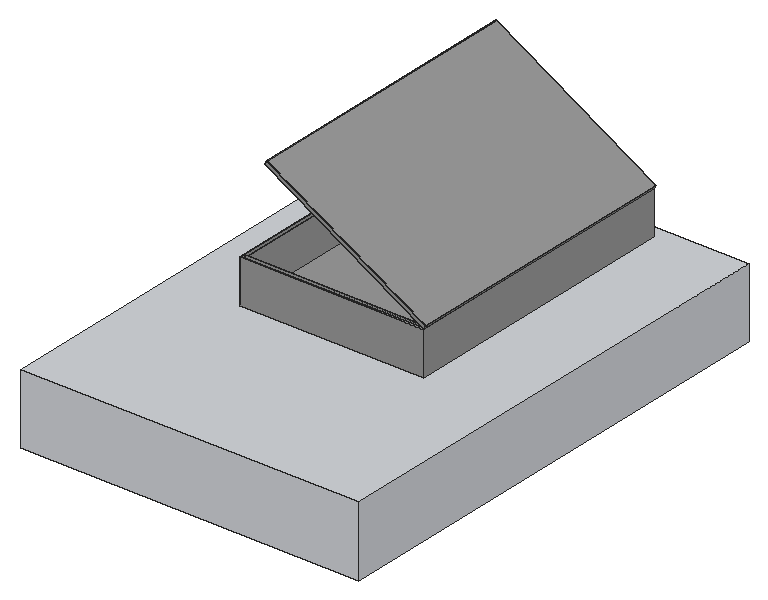
Revit family "Hager-Univers-IP54-D205-H1250-Cl.I-Encl-CH-it", category Equipement électrique, Revit 2020
Family settings
  Hôte = Face
  Configuration du panneau = Deux colonnes, circuits au sein
  Cote de connecteur circulaire = Utiliser le diamètre
  Type d'élément = Tableau de raccordement
  Couper avec des vides une fois chargée = Non
  Partagée = Non
  Point de calcul de pièce = Non
Parameters (values of type "A parete IP54 L800 A1250 P205  - FP83TW2")
  Width Control [instance] = if([EF000008 - Larghezza] > Min Width, [EF000008 - Larghezza], Min Width)  # 800 mm
  Commentaires du type = [HG000003 - Gamma]  # "Univers"
  Thickness Door [instance] = if([EF009171 - spessore materiale porta/coperchio] > 3 mm, 3 mm, [EF009171 - spessore materiale porta/coperchio])  # 1 mm
  Seal Frame Offset [instance] = 17 mm  # constant formula
  Plinth Visibility [instance] = [HG000027 - Altezza dello zoccolo] > 0 mm  # no
  Model = ""
  Min Width [instance] = 100 mm  # constant formula
  Min Height [instance] = 100 mm  # constant formula
  Min Depth [instance] = (2 * [EF009170 - spessore materiale scatola]) + 1 mm  # 3 mm
  Internal Frame Depth [instance] = (Door System Depth * 0.5)  # 9 mm
  Height Control [instance] = if([EF000040 - Altezza] > Min Height, [EF000040 - Altezza], Min Height)  # 1250 mm
  HG000027 - Altezza dello zoccolo = 0 mm
  HG000026 - A pavimento = no
  HG000024 - Altezza della sezione inferiore = 800 mm
  HG000023 - Custodia a doppia sezione = no
  HG000016 - Visibilità delle porte nella vista 3D [instance] = yes
  HG000015 - Visibilità attraverso la porta [instance] = no
  HG000014 - Porta destra [instance] = yes
  HG000013 - Porta sinistra [instance] = not([HG000014 - Porta destra])  # no
  HG000012 - Angolo di apertura della porta [instance] = 30.00°
  HG000010 - Porte asimmetriche = no
  HG000009 - Porta doppia a battente = no
  HG000006 - Ad incasso = no
  HG000004 - Codice produttore = "FP83TW2"
  HG000003 - Gamma = "Univers"
  HG000002 - Con porta = yes
  Frame Offset Bottom [instance] = 10 mm  # constant formula
  Frame Offset [instance] = 15 mm  # constant formula
  EF015940 - Coprire con rilascio di sovrapressione = no
  EF011959 - tipo di protezione (NEMA) = ""
  EF009554 - numero delle aperture per la piastra della flangia = 6
  Fabricant = "Hager"  # constant formula
  EF009212 - esecuzione coperchio = "EV000116 - chiuso"
  EF009171 - spessore materiale porta/coperchio = 1 mm
  EF009170 - spessore materiale scatola = 1 mm
  EF008873 - corrente nominale (In) = 250 A
  EF007800 - adatto per parafulmine = no
  EF006306 - con serratura = no
  EF006244 - coperchio/porta trasparente = no
  EF005474 - grado di protezione (IP) = "EV006419 - IP54"
  EF004464 - tipo di porta = "EV002646 - singolo"
  EF004427 - numero di moduli = 288
  EF004293 - resistenza agli urti = "EV006815 - IK09"
  EF003532 - adatto per uso esterno = no
  EF002950 - Numero moduli DIN = 36
  EF001613 - Integrità del circuito = "EV000494 - senza"
  EF001596 - Attacco Lampada = "EV000179 - acciaio"
  EF001131 - profondità interna = 130 mm
  EF001088 - possibilità di applicazione = yes
  EF000437 - numero di ingressi per conduttori = 6
  EF000339 - tipo di copertura = "EV001012 - coperchio"
  EF000266 - numero di file = 8
  EF000218 - profondità di incasso = 205 mm
  EF000118 - con piastra di montaggio = no
  EF000116 - numero RAL = "9010"
  EF000049 - profondità = 205 mm
  EF000040 - Altezza = 1250 mm
  EF000008 - Larghezza = 800 mm
  EF000007 - colore = "EV000202 - bianco"
  EF000003 - Tipo di montaggio = "EV000384 - A parete"
  Door System Leaf Tolerance [instance] = 1.5 mm  # constant formula
  Door System Depth [instance] = 18 mm  # constant formula
  Door Height [instance] = Height Control - [HG000027 - Altezza dello zoccolo]  # 1250 mm
  Depth Control [instance] = if([EF000049 - profondità] > Min Depth, [EF000049 - profondità], Min Depth)  # 205 mm
  Default Elevation = 0 mm
  Connector Offset [instance] = Height Control / 2  # 625 mm
  Bottom Top Plate Trim [instance] = 1.5 mm  # constant formula
  Plinth height Ctrl [instance] = if([HG000027 - Altezza dello zoccolo] > 0 mm, [HG000027 - Altezza dello zoccolo], 12 mm)  # 12 mm
Types (5, lengths in mm): name | Width Control | HG000004 - Codice produttore | EF009554 - numero delle aperture per la piastra della flangia | EF004464 - tipo di porta | EF004427 - numero di moduli | EF002950 - Numero moduli DIN | EF000437 - numero di ingressi per conduttori | EF000008 - Larghezza
  A parete IP54 L1050 A1250 P205  - FP84TW2 | 1050 | "FP84TW2" | 8 | "EV003602 - doppio" | 384 | 48 | 8 | 1050
  A parete IP54 L1300 A1250 P205  - FP85TW2 | 1300 | "FP85TW2" | 10 | "EV003602 - doppio" | 480 | 60 | 10 | 1300
  A parete IP54 L300 A1250 P205  - FP81TW2 | 300 | "FP81TW2" | 2 | "EV002646 - singolo" | 96 | 12 | 2 | 300
  A parete IP54 L550 A1250 P205  - FP82TW2 | 550 | "FP82TW2" | 4 | "EV002646 - singolo" | 192 | 24 | 4 | 550
  A parete IP54 L800 A1250 P205  - FP83TW2 | 800 | "FP83TW2" | 6 | "EV002646 - singolo" | 288 | 36 | 6 | 800
Reference planes
  plane 1 "Center (Front/Back)": y = 0
  plane 2: z = 0
  plane 3 "Center (Left/Right)": x = 0
  plane 4: z = 205
  plane 5: y = 1
  plane 6: y = 625
  plane 7: y = 0
  plane 8: y = 1250
  plane 9: z = 0
  plane 10: x = -385
  plane 11: x = 385
  plane 12: x = 384
  plane 13: x = -384
  plane 14: y = 1249
  plane 15: x = -383
  plane 16: x = -400
  plane 17: x = 383
  plane 18: x = 400
  plane 19: x = 399
  plane 20: x = -399
  plane 21: y = 11
  plane 22: y = 1250
  plane 23: y = 1234
  plane 24: z = 187
  plane 25: z = 1
  plane 26: z = 186
  plane 27: z = 204
Forms (mm)
  Extrusion 1, solid
    sketch origin (0, 0, 0) x (1, 0, 0) y (0, 1, 0)
      loop
        line (-702.964, 1305) -> (-702.964, -811.445) -> (766.763, -811.445) -> (766.763, 1305) -> (-702.964, 1305)
    from 0 to -304.8
  Extrusion 2, solid, material "Hager_Steel_RAL7035_Light_Grey", visible <- "Plinth Visibility", detail levels medium+fine
    sketch origin (0, 0, 0) x (1, 0, 0) y (0, 1, 0)
      loop
        line (-400, 0) -> (400, 0) -> (400, 12) -> (-400, 12) -> (-400, 0)
    from 0 to 187
  Extrusion 3, solid, material "Hager_Steel_RAL7035_Light_Grey", detail levels medium+fine
    sketch origin (0, 0, 0) x (1, 0, 0) y (0, 1, 0)
      loop
        line (-400, 0) -> (400, 0) -> (400, 1250) -> (-400, 1250) -> (-400, 0)
    from 0 to 187
  Extrusion 4, void
    sketch origin (0, 0, 0) x (1, 0, 0) y (0, 1, 0)
      loop
        line (-399, 1) -> (399, 1) -> (399, 1249) -> (-399, 1249) -> (-399, 1)
    from 1 to 186
  Extrusion 5, void
    sketch origin (-381.607, -4572, 187) x (0, -1, 0) y (-1, 0, 0)
      loop
        line (-4583, 2.393) -> (-5806, 2.393) -> (-5806, -765.607) -> (-4583, -765.607) -> (-4583, 2.393)
    from 0 to 1 <- "EF009170 - spessore materiale scatola"
  Extrusion 6, solid, material "Hager_Steel_RAL7035_Light_Grey", detail levels fine
    sketch origin (0, 0, 187) x (1, 0, 0) y (0, 1, 0)
      loop
        line (-384, 1234) -> (-384, 11) -> (384, 11) -> (384, 1234) -> (-384, 1234)
      loop
        line (-385, 10) -> (385, 10) -> (385, 1235) -> (-385, 1235) -> (-385, 10)
    from 0 to 9 <- "Internal Frame Depth"
  Extrusion 7, solid, material "Hager_Steel_RAL7035_Light_Grey", detail levels coarse
    sketch origin (0, 0, 0) x (1, 0, 0) y (0, 1, 0)
      loop
        line (-400, 0) -> (400, 0) -> (400, 1250) -> (-400, 1250) -> (-400, 0)
    from 0 to 205
  Sweep 8, void
    path in 3D
      loop
        line (-400, 12, 0) -> (400, 12, 0) -> (400, 12, 187) -> (-400, 12, 187) -> (-400, 12, 0)
    profile origin (-400, 12, 93.5) x (-1, 0, 0) y (0, -1, 0)
      loop
        line (0, 0) -> (0, 1.5) -> (-1.5, 1.5)
        arc (-1.5, 1.5) -> (-1.061, 0.439) -> (0, 0) r 1.5
Cuts and joins
  Extrusion 4, Extrusion 5 cuts Extrusion 3
  Sweep 8 cuts Extrusion 2
Lines and regions (mm)
  Masking region 1
    outline origin (0, 0, 0) x (1, 0, 0) y (0, 0, 1)
      loop
        line (-400, 205) -> (-400, 0) -> (400, 0) -> (400, 205) -> (-400, 205)
  Masking region 2, detail levels medium+fine
    outline origin (0, 140, 0) x (0, 1, 0) y (0, 0, 1)
      loop
        line (-140, 0) -> (1110, 0) -> (1110, 187) -> (-140, 187) -> (-140, 0)
  Masking region 3, not visible, detail levels medium+fine
    outline origin (0, 297.922, 0) x (0, 1, 0) y (0, 0, 1)
      loop
        line (338.578, 0) -> (378.578, 0) -> (378.578, 194)
        arc (378.578, 194) -> (375.649, 201.071) -> (368.578, 204) r 10
        line (368.578, 204) -> (338.578, 204) -> (338.578, 0)
  Masking region 4, detail levels coarse
    outline origin (0, 0, 180) x (0, 1, 0) y (0, 0, 1)
      loop
        line (0, -180) -> (1250, -180) -> (1250, 25) -> (0, 25) -> (0, -180)
  Masking region 5, visible <- "Plinth Visibility", detail levels medium+fine
    outline origin (0, 52.24, 12.345) x (0, 0, -1) y (0, 1, 0)
      loop
        line (10.845, -40.24) -> (-173.155, -40.24)
        arc (-173.155, -40.24) -> (-173.594, -41.301) -> (-174.655, -41.74) r 1.5
        line (-174.655, -41.74) -> (-174.655, -52.24) -> (12.345, -52.24) -> (12.345, -41.74)
        arc (12.345, -41.74) -> (11.285, -41.301) -> (10.845, -40.24) r 1.5
  Masking region 6, detail levels medium+fine
    outline origin (-381.607, -4572, 187) x (-1, 0, 0) y (0, -1, 0)
      loop
        line (18.393, -5822) -> (18.393, -4572) -> (-781.607, -4572) -> (-781.607, -5822) -> (18.393, -5822)
  Masking region 7, visible <- "Plinth Visibility", detail levels medium+fine
    outline origin (-381.607, -4727, 187) x (-1, 0, 0) y (0, -1, 0)
      loop
        arc (16.893, -4739) -> (17.332, -4737.939) -> (18.393, -4737.5) r 1.5
        line (18.393, -4737.5) -> (18.393, -4727) -> (-781.607, -4727) -> (-781.607, -4737.5)
        arc (-781.607, -4737.5) -> (-780.546, -4737.939) -> (-780.107, -4739) r 1.5
        line (-780.107, -4739) -> (16.893, -4739)
  Masking region 8, detail levels coarse
    outline origin (-442.548, -4669.526, 187) x (-1, 0, 0) y (0, -1, 0)
      loop
        line (-42.548, -5919.526) -> (-42.548, -4669.526) -> (-842.548, -4669.526) -> (-842.548, -5919.526) -> (-42.548, -5919.526)
  sketch lines
    curve 1: line (-400, 12, 187) -> (-400, 12, 0)
    curve 2: line (400, 12, 187) -> (-400, 12, 187)
    curve 3: line (400, 12, 187) -> (400, 12, 0)
    curve 4: line (-400, 12, 0) -> (400, 12, 0)
Dimensions and locks
  "Depth Control": plane 4 to Extrusion 1
  "HG000027 - Altezza dello zoccolo": plane 1 "Center (Front/Back)" to plane 7
  "EF009170 - spessore materiale scatola": plane 5 to plane 7
  locked: connector elem to plane 3 "Center (Left/Right)"
  equal spacing: plane 8, plane 6, plane 7
  locked: connector elem to plane 6
  "EF009170 - spessore materiale scatola": plane 8 to plane 14
  "EF009170 - spessore materiale scatola": plane 10 to plane 13
  "EF009170 - spessore materiale scatola": plane 12 to plane 11
  "Frame Offset": plane 20 to plane 13
  "Frame Offset": plane 12 to plane 19
  "EF009170 - spessore materiale scatola": plane 16 to plane 20
  "EF009170 - spessore materiale scatola": plane 19 to plane 18
  "Seal Frame Offset": plane 16 to plane 15
  "Seal Frame Offset": plane 17 to plane 18
  "Frame Offset Bottom": plane 21 to plane 5
  "Frame Offset": plane 14 to plane 23
  equal spacing: plane 16, plane 3 "Center (Left/Right)", plane 18
  "Width Control": plane 16 to plane 18
  "EF009170 - spessore materiale scatola": plane 4 to plane 27
  "EF009170 - spessore materiale scatola": plane 24 to plane 26
  "EF009170 - spessore materiale scatola": plane 25 to level
  "Door System Depth": plane 4 to plane 24
  "Height Control": plane 1 "Center (Front/Back)" to Extrusion 7 sketch curve
  "Height Control": Masking region 4 sketch curve to plane 1 "Center (Front/Back)"
  "Height Control": plane 1 "Center (Front/Back)" to plane 22
  "Bottom Top Plate Trim": profile plane to Sweep 8 sketch curve
  "Bottom Top Plate Trim": Sweep 8 sketch curve to profile plane
  "Plinth height Ctrl": plane 1 "Center (Front/Back)" to Extrusion 2 sketch curve
  "Plinth height Ctrl": Masking region 5 sketch curve to plane 1 "Center (Front/Back)"
  "Plinth height Ctrl": plane 1 "Center (Front/Back)" to Masking region 7 sketch curve
  "Thickness Door": Extrusion 6 sketch curve to Extrusion 6 sketch curve  (x3)
  "Thickness Door": cut or joined group of Extrusion 3, Extrusion 4, Extrusion 5 to Extrusion 6 sketch curve
  radius of Masking region 3 sketch curve = 10 mm
  "Bottom Top Plate Trim": radius of Masking region 5 sketch curve  (x2)
  "Bottom Top Plate Trim": radius of Sweep 8 sketch curve
  "Bottom Top Plate Trim": radius of Masking region 7 sketch curve  (x2)
  aligned and locked: plane 2 to Extrusion 1
  aligned and locked: level to Extrusion 1
  aligned and locked: level to Masking region 1 sketch curve
  aligned and locked: Masking region 1 sketch curve to plane 18
  aligned and locked: Masking region 1 sketch curve to plane 16
  aligned and locked: plane 7 to Masking region 2 sketch curve
  aligned and locked: level to Masking region 3 sketch curve
  aligned and locked: Masking region 3 sketch curve to plane 27
  aligned and locked: level to Masking region 2 sketch curve
  aligned and locked: plane 1 "Center (Front/Back)" to Extrusion 2 sketch curve
  aligned and locked: Extrusion 3 sketch curve to plane 7
  aligned and locked: plane 16 to Extrusion 3 sketch curve
  aligned and locked: plane 18 to Extrusion 3 sketch curve
  aligned and locked: plane 20 to Extrusion 4 sketch curve
  aligned and locked: plane 19 to Extrusion 4 sketch curve
  aligned and locked: Extrusion 4 sketch curve to plane 5
  aligned and locked: Extrusion 4 to plane 25
  aligned and locked: plane 26 to Extrusion 4
  aligned and locked: plane 24 to Extrusion 3
  aligned and locked: Extrusion 5 sketch curve to plane 21
  aligned and locked: Extrusion 5 sketch curve to plane 13
  aligned and locked: Extrusion 5 sketch curve to plane 12
  aligned and locked: plane 18 to Extrusion 7 sketch curve
  aligned and locked: plane 1 "Center (Front/Back)" to Extrusion 7 sketch curve
  aligned and locked: plane 16 to Extrusion 7 sketch curve
  aligned and locked: plane 4 to Extrusion 7
  aligned and locked: Extrusion 7 to level
  aligned and locked: level to Masking region 4 sketch curve
  aligned and locked: Masking region 4 sketch curve to plane 1 "Center (Front/Back)"
  aligned and locked: Masking region 4 sketch curve to plane 4
  aligned and locked: nested 1 to level
  aligned and locked: nested 1 to plane 16
  aligned and locked: plane 8 to Extrusion 3 sketch curve
  aligned and locked: plane 23 to Extrusion 5 sketch curve
  aligned and locked: plane 14 to Extrusion 4 sketch curve
  aligned and locked: Masking region 2 sketch curve to plane 8
  aligned and locked: level to Masking region 5 sketch curve
  aligned and locked: plane 16 to Extrusion 2 sketch curve
  aligned and locked: plane 18 to Extrusion 2 sketch curve
  aligned and locked: Masking region 5 sketch curve to plane 24
  aligned and locked: Masking region 2 sketch curve to plane 24
  aligned and locked: plane 24 to Extrusion 2
  aligned and locked: profile plane to Sweep 8 sketch curve  (x2)
  aligned and locked: Masking region 6 sketch curve to plane 18
  aligned and locked: Masking region 6 sketch curve to plane 22
  aligned and locked: Masking region 6 sketch curve to plane 16
  aligned and locked: plane 8 to plane 22
  aligned and locked: Masking region 6 sketch curve to plane 7
  aligned and locked: Masking region 7 sketch curve to plane 16
  aligned and locked: Masking region 7 sketch curve to plane 1 "Center (Front/Back)"
  aligned and locked: Masking region 7 sketch curve to plane 18
  aligned and locked: Masking region 8 sketch curve to plane 1 "Center (Front/Back)"
  aligned and locked: Masking region 8 sketch curve to plane 18
  aligned and locked: Masking region 8 sketch curve to plane 22
  aligned and locked: Masking region 8 sketch curve to plane 16
  aligned and locked: nested 2 to plane 7
  aligned and locked: plane 3 "Center (Left/Right)" to nested 2
  aligned and locked: nested 2 to plane 24
  aligned and locked: Extrusion 6 sketch curve to cut or joined group of Extrusion 3, Extrusion 4, Extrusion 5  (x4)
Automatic sketch dimensions
  Extrusion 1 sketch curve to Extrusion 1 sketch curve = 1469.727 mm
  Extrusion 1 sketch curve to Extrusion 1 sketch curve = 2116.445 mm
  Masking region 1 sketch curve to plane 4 = 0 mm
  plane 6 to Masking region 3 sketch curve = 11.5 mm
  Masking region 3 sketch curve to Masking region 3 sketch curve = 30 mm
  Masking region 5 sketch curve to plane 1 "Center (Front/Back)" = 0 mm
Nested families
  nested 1: "Hager_Enclosure_Symbol" at (-400, 0, 0) x (1, 0, 0) z (0, -1, 0), Height <- "Depth Control", Width <- "Width Control", type "Hager_Enclosure_Symbol"
    with Width_Ctrl 800 mm, Width 800 mm, Height_Ctrl 205 mm, Height 205 mm, A_Width_Int 13.453 mm, A_Width 161.438 mm, A_Height_Ctrl 179.375 mm, A_Height 179.375 mm
  nested 2: "EC000058_Univers_Door" at (0, 0, 187) x (1, 0, 0) z (0, 1, 0), Leaf_Tolerance <- "Door System Leaf Tolerance", Angle <- "HG000012 - Angolo di apertura della porta", Door_Depth <- "Door System Depth", Door_Left <- "HG000013 - Porta sinistra", Transparent <- "EF006244 - coperchio/porta trasparente", Assymetrical <- "HG000010 - Porte asimmetriche", Width <- "Width Control", Clearance <- "HG000015 - Visibilità attraverso la porta", Double <- "HG000009 - Porta doppia a battente", 3d_Door <- "HG000016 - Visibilità delle porte nella vista 3D", Lock_Visibility <- "EF006306 - con serratura", Width_Ctrl <- "Width Control", Door_Right <- "HG000014 - Porta destra", Door <- "HG000002 - Con porta", Height <- "Door Height", Thickness <- "Thickness Door", type "EC000058_Univers_Door", detail levels medium+fine
    with min_wh 3 mm, Width_Ctrl 800 mm, Width 800 mm, Transparent no, Thickness 1 mm, Seal_Material Hager_Rubber, Lock_Visibility no, Lock_Material Hager_Plastic_RAL9005_Jet_Black, Leaf_Width 800 mm, Leaf_Tolerance_External_Sides 0 mm, Leaf_Tolerance 1.5 mm, Leaf_Offset 0 mm, Leaf_Height 1247 mm, Leaf_2_Width 800 mm, Leaf_2_Offset 400 mm, Leaf_1_Width 800 mm, Leaf_1_Offset 400 mm, Height_Ctrl 1250 mm, Height 1250 mm, Glass_Material Hager_Glass, Double_Clearance_Ctrl no, Double no, Door_Right_Ctrl yes, Door_Right yes, Door_Material Hager_Steel_RAL7035_Light_Grey, Door_Left_Ctrl no, Door_Left no, Door_Depth 18 mm, Door yes, Clearance_Material Hager_Clearance, Clearance_Depth 800 mm, Clearance_Ctrl no, Clearance no, Assymetrical no, Angle 30.00°, 3d_Door yes
Connectors
  electrical at (0, 625, 0)
    settings: on plane 9, index 1, voltage 0 V, apparent load 0 VA, apparent load phase1 0 VA, apparent load phase2 0 VA, apparent load phase3 0 VA, power factor 1, load classification "Other", number of poles 1, system type 30, power factor state 1, is connector primary yes, connector utility no, sub classification motor no, connector description ""
Definition of nested family "EC000058_Univers_Door"
  Parameters (values of type "EC000058_Univers_Door")
    min_wh [instance] = (2 * Thickness) + 1 mm  # 11 mm
    Width_Ctrl [instance] = 400 mm
    Width [instance] = 500 mm
    Transparent [instance] = yes
    Thickness [instance] = 5 mm
    Seal_Material [instance] = none
    Lock_Visibility [instance] = yes
    Lock_Material [instance] = none
    Leaf_Width [instance] = if((Width_Ctrl - 2 * Leaf_Tolerance_External_Sides) > 0 mm, (Width_Ctrl - 2 * Leaf_Tolerance_External_Sides), min_wh)  # 400 mm
    Leaf_Tolerance_External_Sides [instance] = 0 mm  # constant formula
    Leaf_Tolerance [instance] = 1.5 mm
    Leaf_Offset [instance] = 0 mm  # constant formula
    Leaf_Height [instance] = if((Height_Ctrl - 2 * Leaf_Tolerance) > 0 mm, (Height_Ctrl - 2 * Leaf_Tolerance), min_wh)  # 497 mm
    Leaf_2_Width [instance] = if(and(and(Double, Assymetrical), Door_Left), (Leaf_Width / 3) - (Leaf_Tolerance / 2), if(and(and(Double, Assymetrical), Door_Right), (Leaf_Width / 3) * 2 - (Leaf_Tolerance / 2), if(and(Double, not(Assymetrical)), (Leaf_Width / 2) - Leaf_Tolerance, Leaf_Width)))  # 400 mm
    Leaf_2_Offset [instance] = if(and(Double, Assymetrical), Leaf_2_Width / 2, if(and(Double, not(Assymetrical)), Leaf_Width / 4, Leaf_Width / 2))  # 200 mm
    Leaf_1_Width [instance] = if(and(and(Double, Assymetrical), Door_Right), (Leaf_Width / 3) - (Leaf_Tolerance / 2), if(and(and(Double, Assymetrical), Door_Left), (Width / 3) * 2 - (Leaf_Tolerance / 2), if(and(Double, not(Assymetrical)), (Leaf_Width / 2) - Leaf_Tolerance, Leaf_Width)))  # 400 mm
    Leaf_1_Offset [instance] = if(and(Double, Assymetrical), Leaf_1_Width / 2, if(and(Double, not(Assymetrical)), Leaf_Width / 4, Leaf_Width / 2))  # 200 mm
    Height_Ctrl [instance] = if(Height > min_wh, Height, min_wh)  # 500 mm
    Height [instance] = 500 mm
    Glass_Material [instance] = none
    Double_Clearance_Ctrl [instance] = and(Double, Clearance)  # no
    Double [instance] = no
    Door_Right_Ctrl [instance] = and(or(Door_Right, Double), Door)  # yes
    Door_Right [instance] = yes
    Door_Material [instance] = none
    Door_Left_Ctrl [instance] = and(or(Door_Left, Double), Door)  # no
    Door_Left [instance] = no
    Door_Depth [instance] = 30 mm
    Door [instance] = yes
    Default Elevation = 1219.2 mm
    Clearance_Material [instance] = none
    Clearance_Depth [instance] = if(Leaf_1_Width > Leaf_2_Width, Leaf_1_Width, Leaf_2_Width)  # 400 mm
    Clearance_Ctrl [instance] = and(not(Double), Clearance)  # yes
    Clearance [instance] = yes
    Assymetrical [instance] = yes
    Angle [instance] = 30.00°
    3d_Door [instance] = yes
  Reference planes
    plane 1 "Center (Front/Back)": y = 0
    plane 2 "Bottom": z = 0
    plane 3 "Center (Left/Right)": x = 0
    plane 4: z = 500
    plane 5: x = -200
    plane 6: x = 200
    plane 7: z = 500
    plane 8: x = -200
    plane 9: z = 0
    plane 10: x = 200
    plane 11: y = 0
    plane 12: z = 1.5
    plane 13: x = -600
    plane 14: y = -400
    plane 15: x = 600
    plane 16: x = 0
    plane 17: x = 0
    plane 18: x = -200
    plane 19: x = 200
    plane 20: z = 498.5
  Forms (mm)
    Extrusion 1, solid, material <- "Clearance_Material", visible <- "Double_Clearance_Ctrl"
      sketch origin (1200, 0, 0) x (1, 0, 0) y (0, 0, -1)
        loop
          line (-1800, -498.5) -> (-600, -498.5) -> (-600, 0) -> (-1800, 0) -> (-1800, -498.5)
      from 0 to -400
  Dimensions and locks
    equal spacing: plane 5, plane 3 "Center (Left/Right)", plane 6
    "Width_Ctrl": plane 5 to plane 6
    "Leaf_Offset": plane 5 to plane 8
    "Leaf_Offset": plane 6 to plane 10
    "Leaf_Offset": plane 9 to level
    "Leaf_Offset": plane 4 to plane 7
    "Height_Ctrl": plane 4 to level
    "Leaf_Tolerance": plane 12 to plane 9
    locked: plane 11 to plane 1 "Center (Front/Back)"
    "Leaf_1_Offset": plane 18 to plane 16
    "Leaf_2_Offset": plane 17 to plane 19
    "Leaf_1_Width": plane 13 to plane 8
    "Leaf_2_Width": plane 10 to plane 15
    "Clearance_Depth": plane 14 to plane 1 "Center (Front/Back)"
    "Leaf_Tolerance_External_Sides": plane 8 to plane 18
    "Leaf_Tolerance_External_Sides": plane 19 to plane 10
    "Leaf_Tolerance": plane 7 to plane 20
    aligned and locked: level to plane 2 "Bottom"
    aligned and locked: nested 1 to plane 16
    aligned and locked: nested 2 to plane 17
    aligned and locked: Extrusion 1 to plane 13
    aligned and locked: plane 15 to Extrusion 1
    aligned and locked: Extrusion 1 to plane 14
    aligned and locked: plane 12 to nested 1
    aligned and locked: nested 2 to plane 12
    aligned and locked: Extrusion 1 to plane 11
    aligned and locked: plane 20 to Extrusion 1
    aligned and locked: nested 2 to plane 11
    aligned and locked: nested 1 to plane 11
  Automatic sketch dimensions
    Extrusion 1 sketch curve to level = 0 mm
    plane 5 to Extrusion 1 sketch curve = 400 mm
    plane 6 to Extrusion 1 sketch curve = 400 mm
    Extrusion 1 sketch curve to plane 4 = 1.5 mm
  Nested families
    nested 1: "EC000058_Univers_Door_Leaf" at (0, 0, 1.5), Width <- "Leaf_1_Width", visible <- "Door_Left_Ctrl", Leaf_Height <- "Leaf_Height", Angle <- "Angle", 3d_Door <- "3d_Door", Transparent <- "Transparent", Clearance Material <- "Clearance_Material", Clearance <- "Clearance_Ctrl", Door_Material <- "Door_Material", Glass_Material <- "Glass_Material", Door_Depth <- "Door_Depth", Lock_Material <- "Lock_Material", Seal_Material <- "Seal_Material", Lock_Visibility <- "Lock_Visibility", Thickness <- "Thickness", type "EC000058_Univers_Door_Leaf"
      with Width 400 mm, Transparent_Glass_Offset 30 mm, Transparent_Ctrl yes, Transparent yes, Thickness 5 mm, Standard no, Seal_Material none, Seal_D2 8 mm, Seal_D1 1 mm, Offset_Internal_Frame 10 mm, Lock_Width 20 mm, Lock_Visibility_3d yes, Lock_Visibility yes, Lock_Thickness_3 3 mm, Lock_Thickness_2 1 mm, Lock_Thickness_1 3 mm, Lock_Radius_Offset_2 16 mm, Lock_Radius_Offset_1 15 mm, Lock_Radius_2 5 mm, Lock_Radius 6 mm, Lock_Offset 5 mm, Lock_Material none, Lock_Height 80 mm, Lock_Cover_Top_Offset_2d 17 mm, Lock_Cover_Height -65 mm, Leaf_Height 497 mm, Internal_Seal_Thickness 8 mm, Internal_Seal_Depth_2 4.5 mm, Internal_Frame_Depth 25 mm, Glass_Thickness -1 mm, Glass_Offset -2 mm, Glass_Material none, Door_Material none, Door_Depth 30 mm, Clearance Material none, Clearance yes, Angle_Ctrl 30.00°, Angle 30.00°, 3d_Door yes
    nested 2: "EC000058_Univers_Door_Leaf" at (0, 0, 1.5) x (-1, 0, 0) z (0, 0, 1), Width <- "Leaf_2_Width", visible <- "Door_Right_Ctrl", Leaf_Height <- "Leaf_Height", Angle <- "Angle", 3d_Door <- "3d_Door", Transparent <- "Transparent", Clearance Material <- "Clearance_Material", Clearance <- "Clearance_Ctrl", Door_Material <- "Door_Material", Glass_Material <- "Glass_Material", Door_Depth <- "Door_Depth", Lock_Material <- "Lock_Material", Seal_Material <- "Seal_Material", Lock_Visibility <- "Lock_Visibility", Thickness <- "Thickness", type "EC000058_Univers_Door_Leaf"
      with Width 400 mm, Transparent_Glass_Offset 30 mm, Transparent_Ctrl yes, Transparent yes, Thickness 5 mm, Standard no, Seal_Material none, Seal_D2 8 mm, Seal_D1 1 mm, Offset_Internal_Frame 10 mm, Lock_Width 20 mm, Lock_Visibility_3d yes, Lock_Visibility yes, Lock_Thickness_3 3 mm, Lock_Thickness_2 1 mm, Lock_Thickness_1 3 mm, Lock_Radius_Offset_2 16 mm, Lock_Radius_Offset_1 15 mm, Lock_Radius_2 5 mm, Lock_Radius 6 mm, Lock_Offset 5 mm, Lock_Material none, Lock_Height 80 mm, Lock_Cover_Top_Offset_2d 17 mm, Lock_Cover_Height -65 mm, Leaf_Height 497 mm, Internal_Seal_Thickness 8 mm, Internal_Seal_Depth_2 4.5 mm, Internal_Frame_Depth 25 mm, Glass_Thickness -1 mm, Glass_Offset -2 mm, Glass_Material none, Door_Material none, Door_Depth 30 mm, Clearance Material none, Clearance yes, Angle_Ctrl 30.00°, Angle 30.00°, 3d_Door yes
  Definition of nested family "EC000058_Univers_Door_Leaf"
    Parameters (values of type "EC000058_Univers_Door_Leaf")
      Width [instance] = 2000 mm
      Transparent_Glass_Offset [instance] = 30 mm
      Transparent_Ctrl [instance] = and(Transparent, [3d_Door])  # yes
      Transparent [instance] = yes
      Thickness [instance] = 5 mm
      Standard [instance] = and(not(Transparent), [3d_Door])  # no
      Seal_Material [instance] = none
      Seal_D2 [instance] = 8 mm  # constant formula
      Seal_D1 [instance] = 1 mm  # constant formula
      Offset_Internal_Frame [instance] = 10 mm  # constant formula
      Lock_Width [instance] = 20 mm  # constant formula
      Lock_Visibility_3d [instance] = and(Lock_Visibility, [3d_Door])  # yes
      Lock_Visibility [instance] = yes
      Lock_Thickness_3 [instance] = 3 mm  # constant formula
      Lock_Thickness_2 [instance] = 1 mm  # constant formula
      Lock_Thickness_1 [instance] = 3 mm  # constant formula
      Lock_Radius_Offset_2 [instance] = Lock_Radius_Offset_1 + 1 mm  # 16 mm
      Lock_Radius_Offset_1 [instance] = 15 mm  # constant formula
      Lock_Radius_2 [instance] = Lock_Radius - 1 mm  # 5 mm
      Lock_Radius [instance] = 6 mm  # constant formula
      Lock_Offset [instance] = 5 mm  # constant formula
      Lock_Material [instance] = none
      Lock_Height [instance] = 80 mm  # constant formula
      Lock_Cover_Top_Offset_2d [instance] = Lock_Radius_Offset_2 + 1 mm  # 17 mm
      Lock_Cover_Height [instance] = -(Lock_Height - Lock_Radius_Offset_1)  # -65 mm
      Leaf_Height [instance] = 2720.336 mm
      Internal_Seal_Thickness [instance] = 8 mm  # constant formula
      Internal_Seal_Depth_2 [instance] = 4.5 mm  # constant formula
      Internal_Frame_Depth [instance] = if(Door_Depth - Thickness > 5 mm, Door_Depth - Thickness, 5 mm)  # 25 mm
      Glass_Thickness [instance] = if(Thickness > 15 mm, Glass_Offset + 10 mm, -1 mm)  # -1 mm
      Glass_Offset [instance] = if(Thickness > 15 mm, -(Thickness + 10 mm) / 2, -2 mm)  # -2 mm
      Glass_Material [instance] = none
      Door_Material [instance] = none
      Door_Depth [instance] = 30 mm
      Default Elevation = 0 mm
      Clearance Material [instance] = none
      Clearance [instance] = yes
      Angle_Ctrl [instance] = if(Angle > 180.00°, 180.00°, Angle)  # 90.00°
      Angle [instance] = 90.00°
      3d_Door [instance] = yes
    Reference planes
      plane 1 "Center (Front/Back)": y = 0
      plane 2: z = 0
      plane 3 "Center (Left/Right)": x = 0
      plane 4: y = 2000
      plane 5: x = -1000
      plane 6: x = 1000
      plane 7: x = -3000
      plane 8: z = 2720.336
      plane 9: z = 30
      plane 10: z = 2690.336
      plane 11: x = 970
      plane 12: x = -970
      plane 13: y = -3
      plane 14: z = 107.833
      plane 15: y = -5
      plane 16: y = -223.314
      plane 17: x = -1000
      plane 18: z = 1360.168
      plane 19: y = 30
    Forms (mm)
      Extrusion 1, solid, material <- "Clearance Material", visible <- "Clearance"
        sketch origin (0, 0, 0) x (1, 0, 0) y (0, 0, 1)
          loop
            line (-3000, 2720.336) -> (-3000, 0) -> (1000, 0) -> (1000, 2720.336) -> (-3000, 2720.336)
        from 0 to -2000
      Extrusion 2, solid, material <- "Door_Material", visible <- "Standard", detail levels medium+fine
        sketch origin (-1000, 0, 0) x (0, 1, 0) y (-1, 0, 0)
          loop
            line (0, 30) -> (0, 25) -> (2000, 25) -> (2000, 30) -> (0, 30)
        from 0 to 2720.336 <- "Leaf_Height"
      Extrusion 3, solid, material <- "Door_Material", visible <- "Transparent_Ctrl", detail levels medium+fine
        sketch origin (-1000, 0, 0) x (0, 1, 0) y (-1, 0, 0)
          loop
            line (0, 25) -> (2000, 25) -> (2000, 30) -> (0, 30) -> (0, 25)
        from 0 to 2720.336 <- "Leaf_Height"
      Extrusion 4, void
        sketch origin (-1025, 2000, 0) x (0, 1, 0) y (0, 0, -1)
          loop
            line (-30, -2690.336) -> (-30, -30) -> (-1970, -30) -> (-1970, -2690.336) -> (-30, -2690.336)
        from 0 to 5 <- "Thickness"
      Sweep 5, solid, material <- "Seal_Material", visible <- "Transparent_Ctrl", detail levels fine
        path in 3D
          loop
            line (-1025, 30, 30) -> (-1025, 30, 2690.336) -> (-1025, 1970, 2690.336) -> (-1025, 1970, 30) -> (-1025, 30, 30)
        profile origin (-1025, 1000, 30) x (1, 0, 0) y (0, 0, 1)
          loop
            line (0, 0) -> (0, -8) -> (1, -8) -> (1, 0) -> (0, 0)
      Extrusion 6, solid, material <- "Glass_Material", visible <- "Transparent_Ctrl", detail levels medium+fine
        sketch origin (-1030, 0, 0) x (0, 1, 0) y (0, 0, -1)
          loop
            line (1970, -2690.336) -> (1970, -30) -> (30, -30) -> (30, -2690.336) -> (1970, -2690.336)
        from -2 <- "Glass_Offset" to -1 <- "Glass_Thickness"
      Extrusion 7, solid, material <- "Door_Material", visible <- "3d_Door", detail levels medium+fine
        sketch origin (-1025, 2000, 0) x (0, -1, 0) y (0, 0, -1)
          loop
            line (0, -2720.336) -> (2000, -2720.336) -> (2000, 0) -> (0, 0) -> (0, -2720.336)
          loop
            line (1995, -5) -> (5, -5) -> (5, -2715.336) -> (1995, -2715.336) -> (1995, -5)
        from 0 to 25 <- "Internal_Frame_Depth"
      Sweep 8, solid, material <- "Seal_Material", visible <- "Transparent_Ctrl", detail levels fine
        path in 3D
          loop
            line (-1025, 0, 0) -> (-1025, 2000, 0) -> (-1025, 2000, 2720.336) -> (-1025, 0, 2720.336) -> (-1025, 0, 0)
        profile origin (-1025, 0, 1360.168) x (1, 0, 0) y (0, 1, 0)
          loop
            line (0, 10) -> (2.975, 10)
            arc (2.975, 10) -> (4.053, 10.447) -> (4.5, 11.525) r 1.525
            line (4.5, 11.525) -> (4.5, 16.527)
            arc (4.5, 16.527) -> (4.069, 17.569) -> (3.027, 18) r 1.473
            line (3.027, 18) -> (0, 18) -> (0, 10)
      Extrusion 9, solid, material <- "Lock_Material", visible <- "Lock_Visibility_3d", detail levels fine
        sketch origin (-1030, 0, 0) x (0, 1, 0) y (0, 0, -1)
          loop
            arc (1993.5, -1400.168) -> (1994.561, -1399.729) -> (1995, -1398.668) r 1.5
            line (1995, -1398.668) -> (1995, -1320.168) -> (1975, -1320.168) -> (1975, -1398.668)
            arc (1975, -1398.668) -> (1975.439, -1399.729) -> (1976.5, -1400.168) r 1.5
            line (1976.5, -1400.168) -> (1993.5, -1400.168)
        from 3 <- "Lock_Thickness_1" to 0
      Blend 10, solid, material <- "Lock_Material", visible <- "Lock_Visibility_3d", detail levels fine
        base sketch origin (-1033, 0, 0) x (0, 1, 0) y (0, 0, -1)
          loop
            line (1975, -1320.168) -> (1975, -1398.668)
            arc (1975, -1398.668) -> (1975.439, -1399.729) -> (1976.5, -1400.168) r 1.5
            line (1976.5, -1400.168) -> (1993.5, -1400.168)
            arc (1993.5, -1400.168) -> (1994.561, -1399.729) -> (1995, -1398.668) r 1.5
            line (1995, -1398.668) -> (1995, -1320.168) -> (1975, -1320.168)
        top sketch origin (-1033, 0, 0) x (0, 1, 0) y (0, 0, -1)
          loop
            line (1976, -1320.168) -> (1976, -1398.668)
            arc (1976, -1398.668) -> (1976.146, -1399.022) -> (1976.5, -1399.168) r 0.5
            line (1976.5, -1399.168) -> (1993.5, -1399.168)
            arc (1993.5, -1399.168) -> (1993.854, -1399.022) -> (1994, -1398.668) r 0.5
            line (1994, -1398.668) -> (1994, -1320.168) -> (1976, -1320.168)
        from 0 to 1 <- "Lock_Thickness_2"
      Blend 11, solid, material <- "Lock_Material", visible <- "Lock_Visibility_3d", detail levels fine
        base sketch origin (-1034, 0, 0) x (0, 1, 0) y (0, 0, -1)
          loop
            line (1978, -1320.168) -> (1978, -1384.168)
            arc (1978, -1384.168) -> (1985, -1391.168) -> (1992, -1384.168) r 7
            line (1992, -1384.168) -> (1992, -1320.168) -> (1978, -1320.168)
        top sketch origin (-1034, 0, 0) x (0, 1, 0) y (0, 0, -1)
          loop
            line (1991, -1320.168) -> (1979, -1320.168) -> (1979, -1383.168)
            arc (1979, -1383.168) -> (1985, -1389.168) -> (1991, -1383.168) r 6
            line (1991, -1383.168) -> (1991, -1320.168)
        from 0 to 3 <- "Lock_Thickness_3"
      Extrusion 12, solid, material <- "Lock_Material", visible <- "Lock_Visibility_3d", detail levels fine
        sketch origin (-1030, 1975, 1320.168) x (1, 0, 0) y (0, -1, 0)
          loop
            line (-7, -19) -> (-7, -1) -> (0, -1) -> (0, 0) -> (-8, 0) -> (-8, -20) -> (0, -20) -> (0, -19) -> (-7, -19)
        from 0 to -65 <- "Lock_Cover_Height"
      Extrusion 13, void
        sketch origin (-1038, 1995, 1320.168) x (-1, 0, 0) y (0, 0, -1)
          loop
            line (-5, -65) -> (0, -65) -> (-5, -60) -> (-5, -65)
        from 0 to 20 <- "Lock_Width"
      Extrusion 14, void
        sketch origin (-1038, 1975, 1320.168) x (0, -1, 0) y (0, 0, -1)
          loop
            circle (-10, -15.995) r 6
          loop
            circle (-10, -15.995) r 5
        from 0 to 2
      Extrusion 15, solid, material <- "Lock_Material", visible <- "Lock_Visibility_3d", detail levels medium
        sketch origin (-1030, 0, 0) x (0, 1, 0) y (0, 0, -1)
          loop
            arc (1993.5, -1400.168) -> (1994.561, -1399.729) -> (1995, -1398.668) r 1.5
            line (1995, -1398.668) -> (1995, -1320.168) -> (1975, -1320.168) -> (1975, -1398.668)
            arc (1975, -1398.668) -> (1975.439, -1399.729) -> (1976.5, -1400.168) r 1.5
            line (1976.5, -1400.168) -> (1993.5, -1400.168)
        from 8 to 0
    Cuts and joins
      Extrusion 4 cuts Extrusion 3
      Extrusion 13, Extrusion 14 cuts Extrusion 9
      Extrusion 14 cuts Blend 11
      Extrusion 13, Extrusion 14 cuts Extrusion 12
      joined: Extrusion 9, Blend 10, Blend 11, Extrusion 12
      Extrusion 14 cuts Extrusion 15
    Lines and regions (mm)
      Masking region 1, visible <- "Lock_Visibility", detail levels fine
        outline origin (0, 0, 0) x (0, 1, 0) y (0, 0, 1)
          loop
            line (30, 1320.168) -> (33, 1320.168) -> (33, 1400.168) -> (30, 1400.168) -> (30, 1320.168)
      Masking region 2, visible <- "Lock_Visibility", detail levels fine
        outline origin (0, 3.143, 0) x (0, 1, 0) y (0, 0, 1)
          loop
            line (29.857, 1354.168) -> (30.857, 1354.168) -> (30.857, 1366.168) -> (29.857, 1366.168) -> (29.857, 1354.168)
      Masking region 3, detail levels medium+fine
        outline origin (0, 0, 0) x (0, 1, 0) y (0, 0, 1)
          loop
            line (0, 0) -> (30, 0) -> (30, 2720.336) -> (0, 2720.336) -> (0, 0)
      Masking region 4, detail levels medium+fine
        outline origin (0, 0, 0) x (1, 0, 0) y (0, 0, 1)
          loop
            line (-1000, 2720.336) -> (-1000, 0) -> (1000, 0) -> (1000, 2720.336) -> (-1000, 2720.336)
      Masking region 5, visible <- "Lock_Visibility", detail levels fine
        outline origin (-47.116, 0, 0) x (1, 0, 0) y (0, 0, 1)
          loop
            arc (1024.616, 1399.168) -> (1023.556, 1398.729) -> (1023.116, 1397.668) r 1.5
            line (1023.116, 1397.668) -> (1023.116, 1320.168) -> (1041.116, 1320.168) -> (1041.116, 1397.668)
            arc (1041.116, 1397.668) -> (1040.677, 1398.729) -> (1039.616, 1399.168) r 1.5
            line (1039.616, 1399.168) -> (1024.616, 1399.168)
      Masking region 6, visible <- "Lock_Visibility", detail levels medium+fine
        outline origin (-25, 0, 0) x (1, 0, 0) y (0, 0, 1)
          loop
            arc (1001.5, 1400.168) -> (1000.439, 1399.729) -> (1000, 1398.668) r 1.5
            line (1000, 1398.668) -> (1000, 1320.168) -> (1020, 1320.168) -> (1020, 1398.668)
            arc (1020, 1398.668) -> (1019.561, 1399.729) -> (1018.5, 1400.168) r 1.5
            line (1018.5, 1400.168) -> (1001.5, 1400.168)
      Masking region 7, visible <- "Lock_Visibility", detail levels fine
        outline origin (-73.735, 0, 0) x (1, 0, 0) y (0, 0, 1)
          loop
            line (1051.735, 1382.168) -> (1065.735, 1382.168) -> (1065.735, 1384.168)
            arc (1065.735, 1384.168) -> (1058.735, 1391.168) -> (1051.735, 1384.168) r 7
            line (1051.735, 1384.168) -> (1051.735, 1382.168)
      Masking region 8, visible <- "Lock_Visibility", detail levels fine
        outline origin (-73.735, 0, 0) x (1, 0, 0) y (0, 0, 1)
          loop
            line (1052.735, 1382.168) -> (1064.735, 1382.168) -> (1064.735, 1383.168)
            arc (1064.735, 1383.168) -> (1058.735, 1389.168) -> (1052.735, 1383.168) r 6
            line (1052.735, 1383.168) -> (1052.735, 1382.168)
      Masking region 9, visible <- "Lock_Visibility", detail levels fine
        outline origin (-25, 0, 0) x (1, 0, 0) y (0, 0, 1)
          loop
            line (1020, 1320.168) -> (1020, 1382.168) -> (1000, 1382.168) -> (1000, 1320.168) -> (1020, 1320.168)
      Masking region 10, detail levels medium+fine
        outline origin (0, 0, 0) x (1, 0, 0) y (0, 0, 1)
          loop
            circle (985, 1335.144) r 6
      Masking region 11, detail levels fine
        outline origin (0, 0, 0) x (1, 0, 0) y (0, 0, 1)
          loop
            circle (985, 1335.144) r 5
      Masking region 12, visible <- "Lock_Visibility", detail levels fine
        outline origin (0, 12.767, 0) x (0, 1, 0) y (0, 0, 1)
          loop
            line (20.233, 1320.168) -> (21.233, 1320.168) -> (21.233, 1399.168) -> (20.233, 1400.168) -> (20.233, 1320.168)
      Masking region 13, visible <- "Lock_Visibility", detail levels fine
        outline origin (0, 13.767, -10) x (0, 1, 0) y (0, 0, 1)
          loop
            line (20.233, 1330.168) -> (23.233, 1330.168) -> (23.233, 1399.168) -> (20.233, 1402.168) -> (20.233, 1330.168)
      Masking region 14, visible <- "Lock_Visibility", detail levels fine
        outline origin (0, 12.767, -10) x (0, 1, 0) y (0, 0, 1)
          loop
            line (20.233, 1330.168) -> (25.233, 1330.168) -> (25.233, 1399.305) -> (20.233, 1394.305) -> (20.233, 1330.168)
      Masking region 15, visible <- "Lock_Visibility", detail levels medium
        outline origin (0, 0, 0) x (0, 1, 0) y (0, 0, 1)
          loop
            line (30, 1320.168) -> (38, 1320.168) -> (38, 1400.168) -> (30, 1400.168) -> (30, 1320.168)
      Masking region 16, visible <- "Lock_Visibility", detail levels fine
        outline origin (-1000, 0, 0) x (0, 1, 0) y (-1, 0, 0)
          loop
            line (1975, 30) -> (1995, 30) -> (1995, 38) -> (1975, 38) -> (1975, 30)
          loop
            line (1979, 37) -> (1976, 37) -> (1976, 34) -> (1978, 34) -> (1979, 37)
          loop
            line (1994, 37) -> (1991, 37) -> (1992, 34) -> (1994, 34) -> (1994, 37)
      Masking region 17, visible <- "Lock_Visibility", detail levels medium
        outline origin (-1000, 0, 0) x (0, 1, 0) y (-1, 0, 0)
          loop
            line (1975, 30) -> (1995, 30) -> (1995, 38) -> (1975, 38) -> (1975, 30)
      symbolic lines
        curve 1: line (1000, 0, 0) -> (-3000, 0, 0)
        curve 2: arc (1000, 0, 0) -> (-1000, 2000, 0) -> (-3000, 0, 0) r 2000
        curve 4: line (-1030, 0, 0) -> (-1030, 2000, 0)
      reference lines
        curve 3: line (-1000, 0, 0) -> (-1000, 2000, 0)
      symbolic lines, detail levels medium+fine
        curve 5: line (-1030, 2000, 0) -> (-1025, 2000, 0)
        curve 7: line (-1025, 0, 0) -> (-1030, 0, 0)
        curve 8: line (-1025, 0, 0) -> (-1000, 0, 0)
        curve 9: line (-1000, 0, 0) -> (-1000, 2000, 0)
        curve 10: line (-1000, 2000, 0) -> (-1025, 2000, 0)
      symbolic lines, detail levels fine
        curve 6: line (-1025, 2000, 0) -> (-1025, 0, 0)
      sketch lines
        curve 11: line (-1025, 0, 2720.336) -> (-1025, 0, 0)
        curve 12: line (-1025, 2000, 0) -> (-1025, 0, 0)
        curve 13: line (-1025, 2000, 2720.336) -> (-1025, 2000, 0)
        curve 14: line (-1025, 0, 2720.336) -> (-1025, 2000, 2720.336)
        curve 15: line (-1025, 1970, 30) -> (-1025, 30, 30)
        curve 16: line (-1025, 30, 30) -> (-1025, 30, 2690.336)
        curve 17: line (-1025, 1970, 2690.336) -> (-1025, 1970, 30)
        curve 18: line (-1025, 30, 2690.336) -> (-1025, 1970, 2690.336)
      symbolic lines, visible <- "Transparent", detail levels medium+fine
        curve 19: line (-970, 0, 2690.336) -> (970, 0, 2690.336)
        curve 20: line (-970, 0, 30) -> (-970, 0, 2690.336)
        curve 21: line (970, 0, 30) -> (-970, 0, 30)
        curve 22: line (970, 0, 2690.336) -> (970, 0, 30)
    Dimensions and locks
      "Width": plane 1 "Center (Front/Back)" to plane 4
      equal spacing: plane 5, plane 3 "Center (Left/Right)", plane 6
      "Width": plane 5 to plane 6
      "Width": plane 7 to plane 5
      "Leaf_Height": plane 8 to level
      "Width": curve 5 to curve 3
      "Width": curve 3 to curve 3
      plane 8 to plane 10 = 30 mm
      plane 9 to level = 30 mm
      plane 12 to plane 5 = 30 mm
      plane 6 to plane 11 = 30 mm
      Extrusion 1 to Extrusion 4 sketch curve = 30 mm
      "Transparent_Glass_Offset": curve 3 to Extrusion 4 sketch curve
      "Transparent_Glass_Offset": Extrusion 4 sketch curve to cut or joined group of Extrusion 3, Extrusion 4  (x2)
      cut or joined group of Extrusion 3, Extrusion 4 to Extrusion 6 sketch curve = 30 mm
      "Transparent_Glass_Offset": cut or joined group of Extrusion 3, Extrusion 4 to Extrusion 4 sketch curve
      "Thickness": curve 6 to curve 4
      "Thickness": Extrusion 7 sketch curve to Extrusion 7 sketch curve  (x4)
      "Door_Depth": curve 4 to curve 3
      "Offset_Internal_Frame": profile plane to Sweep 8 sketch curve
      "Internal_Seal_Thickness": Sweep 8 sketch curve to Sweep 8 sketch curve
      "Internal_Seal_Depth_2": profile plane to Sweep 8 sketch curve
      "Seal_D1": profile plane to Sweep 5 sketch curve
      "Seal_D2": profile plane to Sweep 5 sketch curve
      "Thickness": Extrusion 2 sketch curve to Extrusion 2 sketch curve
      equal spacing: Extrusion 9 sketch curve, plane 18, Extrusion 9 sketch curve  (x2)
      equal spacing: Masking region 1 sketch curve, plane 18, Masking region 1 sketch curve
      "Lock_Height": Masking region 1 sketch curve to Masking region 1 sketch curve
      "Lock_Radius": Masking region 2 sketch curve to plane 18 to Masking region 2 sketch curve
      Masking region 2 sketch curve to Masking region 1 = 1 mm
      "Door_Depth": plane 19 to plane 1 "Center (Front/Back)"
      "Lock_Thickness_1": Masking region 1 sketch curve to plane 19
      "Lock_Width": Extrusion 9 sketch curve to Extrusion 9 sketch curve
      "Lock_Height": Extrusion 9 sketch curve to Extrusion 9 sketch curve
      "Lock_Offset": cut or joined group of Extrusion 3, Extrusion 4 to Extrusion 9 sketch curve
      equal spacing: plane 8, plane 18, level
      "Lock_Radius_Offset_1": Blend 11 sketch curve to Blend 10
      locked: Blend 10 to Blend 11 sketch curve at 2  (x2)
      locked: var sketch to Blend 11 sketch curve at 1  (x2)
      "Lock_Radius_Offset_2": Blend 11 sketch curve to Blend 10
      locked: Extrusion 12 sketch curve to Extrusion 12 sketch curve at 1  (x3)
      Masking region 6 sketch curve to Masking region 6 sketch curve = 80 mm
      "Lock_Height": Masking region 6 sketch curve to Masking region 6 sketch curve
      "Lock_Width": Masking region 6 sketch curve to Masking region 6 sketch curve
      locked: Masking region 6 to Masking region 5 sketch curve at 1  (x3)
      locked: Masking region 5 to Masking region 7 sketch curve at 2  (x2)
      "Lock_Radius_Offset_1": Masking region 5 to Masking region 7 sketch curve
      "Lock_Radius_Offset_2": Masking region 5 to Masking region 8 sketch curve
      locked: Masking region 7 to Masking region 8 sketch curve at 1  (x2)
      "Lock_Cover_Top_Offset_2d": Masking region 5 to Masking region 9 sketch curve
      equal spacing: Masking region 9, Masking region 10 sketch curve, Masking region 9
      equal spacing: Masking region 9, Masking region 11 sketch curve, Masking region 9
      Extrusion 15 sketch curve to Extrusion 15 sketch curve = 80 mm
      "Lock_Width": Extrusion 15 sketch curve to Extrusion 15 sketch curve
      "Lock_Height": Extrusion 15 sketch curve to Extrusion 15 sketch curve
      equal spacing: Extrusion 15 sketch curve, plane 18, Extrusion 15 sketch curve
      "Lock_Thickness_3": Masking region 13 sketch curve to Masking region 13 sketch curve
      "Lock_Height": Masking region 12 sketch curve to Masking region 12 sketch curve
      locked: Masking region 13 sketch curve to Masking region 1 at 8
      locked: Masking region 14 sketch curve to Masking region 13 at 1
      locked: Masking region 14 sketch curve to Masking region 1 at 10.863
      "Lock_Height": Masking region 15 sketch curve to Masking region 15 sketch curve
      "Lock_Offset": Extrusion 15 sketch curve to cut or joined group of Extrusion 3, Extrusion 4
      "Lock_Offset": plane 6 to Masking region 6 sketch curve
      radius of Sweep 8 sketch curve = 1.525 mm
      radius of Sweep 8 sketch curve = 1.473 mm
      radius of Extrusion 9 sketch curve = 1.5 mm  (x2)
      "Lock_Radius": radius of Extrusion 14 sketch curve
      "Lock_Radius_2": radius of Extrusion 14 sketch curve
      "Lock_Radius": radius of Masking region 10 sketch curve
      "Lock_Radius_2": radius of Masking region 11 sketch curve
      radius of Extrusion 15 sketch curve = 1.5 mm  (x2)
      "Angle_Ctrl": angle plane 1 "Center (Front/Back)" to curve 3
      locked: Masking region 12 sketch curve to Masking region 12 sketch curve (angle 45.00°)
      locked: Masking region 13 sketch curve to Masking region 13 sketch curve (angle 45.00°)
      locked: Masking region 14 sketch curve to Masking region 14 sketch curve (angle 45.00°)
      aligned and locked: level to plane 2
      aligned and locked: Extrusion 1 to curve 1
      aligned and locked: plane 6 to Extrusion 1
      aligned and locked: Extrusion 1 to plane 1 "Center (Front/Back)"
      aligned and locked: plane 4 to Extrusion 1
      aligned and locked: plane 8 to Extrusion 1
      aligned and locked: curve 7 to Extrusion 2 sketch curve
      aligned and locked: curve 5 to Extrusion 2 sketch curve
      aligned and locked: curve 7 to Extrusion 3 sketch curve
      aligned and locked: Extrusion 3 sketch curve to curve 4
      aligned and locked: Extrusion 3 sketch curve to curve 6
      aligned and locked: Extrusion 3 sketch curve to curve 5
      aligned and locked: curve 9 to curve 3
      aligned and locked: Extrusion 7 sketch curve to cut or joined group of Extrusion 3, Extrusion 4  (x4)
      aligned and locked: plane 17 to curve 3
      aligned and locked: plane 1 "Center (Front/Back)" to curve 3
      aligned and locked: plane 17 to plane 5
      aligned and locked: Sweep 8 sketch curve to profile plane
      aligned and locked: Sweep 5 sketch curve to profile plane  (x2)
      aligned and locked: Masking region 1 to Masking region 2 sketch curve
      aligned and locked: plane 19 to Masking region 1 sketch curve
      aligned and locked: plane 1 "Center (Front/Back)" to Masking region 3 sketch curve
      aligned and locked: plane 19 to Masking region 3 sketch curve
      aligned and locked: level to Masking region 3 sketch curve
      aligned and locked: Masking region 3 sketch curve to plane 8
      aligned and locked: plane 17 to Masking region 4 sketch curve
      aligned and locked: level to Masking region 4 sketch curve
      aligned and locked: Masking region 4 sketch curve to plane 8
      aligned and locked: plane 12 to curve 20
      aligned and locked: plane 10 to curve 19
      aligned and locked: plane 11 to curve 22
      aligned and locked: curve 21 to plane 9
      aligned and locked: Extrusion 2 sketch curve to cut or joined group of Extrusion 3, Extrusion 4
      aligned and locked: Blend 10 sketch curve to Extrusion 9  (x4)
      aligned and locked: Extrusion 9 to Blend 10 sketch curve
      aligned and locked: Blend 10 to Blend 11 sketch curve
      aligned and locked: Extrusion 12 sketch curve to Blend 11
      aligned and locked: Extrusion 12 sketch curve to Extrusion 9  (x4)
      aligned and locked: Masking region 5 sketch curve to Masking region 6
      aligned and locked: Masking region 9 sketch curve to Masking region 6  (x3)
      aligned and locked: Masking region 12 sketch curve to Masking region 1
      aligned and locked: Masking region 13 sketch curve to Masking region 1
      aligned and locked: Masking region 12 to Masking region 14
      aligned and locked: Masking region 14 sketch curve to Masking region 1
      aligned and locked: Masking region 15 sketch curve to Masking region 14
      aligned and locked: Masking region 13 sketch curve to Masking region 12
      aligned and locked: Masking region 16 sketch curve to cut or joined group of Extrusion 14, Extrusion 15  (x4)
      aligned and locked: Masking region 16 sketch curve to cut or joined group of Extrusion 9, Blend 10, Blend 11, Extrusion 12, Extrusion 13, Extrusion 14  (x6)
      aligned and locked: cut or joined group of Extrusion 9, Blend 10, Blend 11, Extrusion 12, Extrusion 13, Extrusion 14 to Masking region 16 sketch curve
      aligned and locked: Masking region 17 sketch curve to cut or joined group of Extrusion 14, Extrusion 15  (x3)
      aligned and locked: Masking region 17 sketch curve to cut or joined group of Extrusion 9, Blend 10, Blend 11, Extrusion 12, Extrusion 13, Extrusion 14
      aligned and locked: Masking region 9 to Masking region 8 sketch curve
      aligned and locked: Masking region 9 to Masking region 7 sketch curve
    Automatic sketch dimensions
      plane 1 "Center (Front/Back)" to curve 2 = 0 mm
      curve 2 to plane 5 = 0 mm
      Extrusion 1 sketch curve to level = 0 mm
      Extrusion 1 sketch curve to plane 7 = 0 mm
      Extrusion 1 sketch curve to plane 6 = 0 mm
      Extrusion 1 sketch curve to plane 8 = 0 mm
      Extrusion 3 to Extrusion 6 sketch curve = 30 mm  (x4)
      Masking region 4 sketch curve to plane 6 = 0 mm
      Blend 10 sketch curve to Extrusion 9 = 1.5 mm
      Blend 10 sketch curve to Extrusion 9 = 1 mm
      Extrusion 13 sketch curve to Extrusion 12 = 0 mm  (x2)
      Extrusion 12 to Extrusion 13 sketch curve = 3 mm
      Extrusion 13 sketch curve to Extrusion 12 = 5 mm
      Extrusion 14 sketch curve to Extrusion 14 sketch curve = 0 mm  (x2)
      Extrusion 14 sketch curve to Extrusion 12 = 10 mm
      Extrusion 14 sketch curve to Extrusion 12 = 15.995 mm
      Masking region 5 sketch curve to Masking region 5 sketch curve = 1.5 mm  (x2)
      Masking region 10 sketch curve to plane 18 = 25.024 mm
      Masking region 11 sketch curve to plane 18 = 25.024 mm
      plane 19 to Masking region 14 sketch curve = 3 mm
      Masking region 16 sketch curve to Masking region 16 sketch curve = 3 mm
      curve 4 to curve 3 = 0 mm
      Blend 10 to Blend 11 sketch curve = 0 mm
      Masking region 6 sketch curve to Masking region 6 sketch curve = 1.5 mm  (x2)
      Masking region 6 sketch curve to plane 18 = 40 mm
      plane 19 to Masking region 12 sketch curve = 3 mm
      Masking region 12 sketch curve to Masking region 12 sketch curve = 1 mm
      Masking region 15 sketch curve to plane 19 = 0 mm
      Masking region 15 sketch curve to plane 18 = 40 mm
      radius of Blend 10 sketch curve to Extrusion 9 = 1 mm
Definition of nested family "Hager_Enclosure_Symbol"
  Parameters (values of type "Hager_Enclosure_Symbol")
    Width_Ctrl [instance] = if(Width > 1 mm, Width, 1 mm)  # 102.27 mm
    Width [instance] = 102.27 mm
    Height_Ctrl [instance] = if(Height > 1 mm, Height, 1 mm)  # 66.5 mm
    A_Width_Int [instance] = if(A_Width / 12 > 2 mm, A_Width / 12, 2 mm)  # 4.364 mm
    A_Width [instance] = if(A_Height_Ctrl * 0.9 > 2 mm, A_Height_Ctrl * 0.9, 2 mm)  # 52.369 mm
    A_Height_Ctrl [instance] = if(A_Height > 2 mm, A_Height, 2 mm)  # 58.188 mm
    Height [instance] = 66.5 mm
    A_Height [instance] = Height - (Height / 8)  # 58.188 mm
  Reference planes
    plane 1 "Centre (avant/arrière)": y = 0
    plane 2: z = 0
    plane 3 "Centre (gauche/droite)": x = 0
    plane 4: x = 52.369
    plane 5: y = 33.042
    plane 6: y = 41.77
    plane 7: y = 66.5
    plane 8: x = 26.184
    plane 9: y = 37.406
    plane 10: x = 102.27
    plane 11: y = 66.5
    plane 12: y = 8.313
  Lines and regions (mm)
    Filled region 1, type "Solid_Black", in view "Niveau de réf."
      outline origin (0, 0, 0) x (1, 0, 0) y (0, 1, 0)
        loop
          line (52.369, 66.5) -> (33.188, 54.536) -> (45.365, 45.006) -> (52.369, 66.5)
    Filled region 2, type "Solid_Black", in view "Niveau de réf."
      outline origin (0, 0, 0) x (1, 0, 0) y (0, 1, 0)
        loop
          line (0, 0) -> (102.27, 0) -> (102.27, 66.5) -> (0, 0)
    detail lines, in view "Niveau de réf."
      curve 1: line (0, 8.313, 0) -> (26.184, 41.77, 0)
      curve 2: line (26.184, 41.77, 0) -> (26.184, 33.042, 0)
      curve 3: line (26.184, 33.042, 0) -> (52.369, 66.5, 0)
  Dimensions and locks
    "A_Width": plane 3 "Centre (gauche/droite)" to plane 4
    equal spacing: plane 3 "Centre (gauche/droite)", plane 8, plane 4
    equal spacing: plane 6, plane 9, plane 5
    equal spacing: curve 3, Filled region 1 sketch curve, Filled region 1 sketch curve
    "Height_Ctrl": plane 1 "Centre (avant/arrière)" to plane 11
    "A_Height_Ctrl": plane 11 to plane 12
    equal spacing: plane 11, plane 9, plane 12
    "A_Width_Int": plane 6 to plane 9
    "Width_Ctrl": plane 3 "Centre (gauche/droite)" to plane 10
    angle Filled region 1 sketch curve to curve 3 = 20.00°
    angle curve 3 to Filled region 1 sketch curve = 20.00°
    locked: curve 3 to Filled region 1 sketch curve (angle 90.00°)
    aligned and locked: plane 10 to Filled region 2
    aligned and locked: plane 11 to Filled region 2 sketch curve
    aligned and locked: plane 10 to Filled region 2 sketch curve
    aligned and locked: plane 3 "Centre (gauche/droite)" to curve 1
    aligned and locked: plane 12 to curve 1
    aligned and locked: plane 7 to plane 11
  Automatic sketch dimensions
    Filled region 1 sketch curve to plane 4 = 0 mm
    Filled region 1 sketch curve to plane 7 = 0 mm
    plane 1 "Centre (avant/arrière)" to Filled region 2 sketch curve = 0 mm
    Filled region 2 sketch curve to plane 3 "Centre (gauche/droite)" = 0 mm
    curve 2 to plane 6 = 0 mm
    curve 2 to plane 8 = 0 mm
    curve 3 to plane 4 = 0 mm
    curve 2 to plane 5 = 0 mm
    curve 3 to plane 7 = 0 mm
